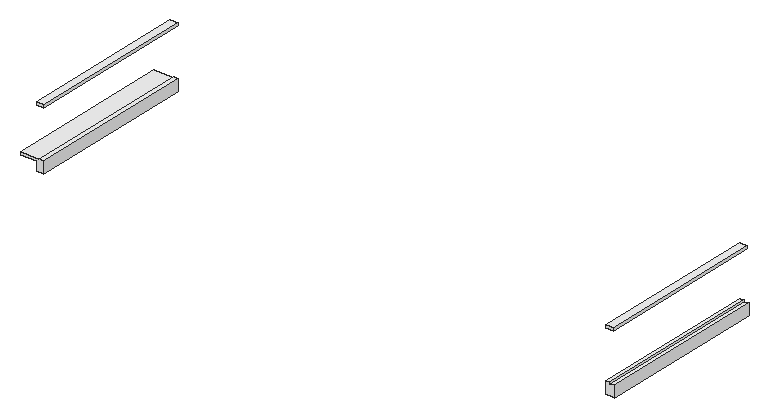
Revit family "Viga_Con_Perfil_Transversal_Bloco", category Structural Framing, Revit 2020
Family settings
  Display in Hidden Views = Edges Hidden by Other Members
  Structural Framing Length Roundoff = 0.000 m
  Section Shape = Not Defined
  Material for Model Behavior = Concrete
  Always export as geometry = No
  Work Plane-Based = No
  Always vertical = Yes
  Cut with Voids When Loaded = Yes
  Symbolic Representation = From Family
  Shared = No
  Show family pre-cut in plan views = Yes
Parameters (values of type "VIG_BLC_CON_PRF")
  Structural Material [instance] = CT_Concreto
  Material_Vigas_Janela [instance] = CT_Concreto
  Comprimento_Modulo [instance] = 7.500 m
  Recuar_Brise [instance] = 0.000 m
Reference planes (m)
  plane 1 "Centro (Frente/Trás)": y = 0
  plane 2: z = 0
  plane 3 "Centro (Esquerda/Direita)": x = 0
  plane 4: x = -15.9999
  plane 5: x = 9.1749
  plane 6: z = 4.76
  plane 7: z = 9.16
  plane 8: y = -7.5
  plane 9: y = 0
Forms (m)
  Extrusion 1, solid, material "CT_Concreto" <- "Material_Vigas_Janela"
    sketch origin (0, 0, 0.06) x (1, 0, 0) y (0, 0, 1)
      loop
        line (-15.9999, 4.7) -> (-16.1999, 4.7) -> (-16.1999, 4.65) -> (-17.0749, 4.65) -> (-17.0749, 4.55) -> (-16.3499, 4.55) -> (-16.3499, 4.19) -> (-16.3499, 4.15) -> (-15.9999, 4.15) -> (-15.9999, 4.7)
      loop
        line (9.5749, 4.15) -> (9.5749, 4.65) -> (9.3749, 4.65) -> (9.3749, 4.7) -> (9.1749, 4.7) -> (9.1749, 4.15) -> (9.5749, 4.15)
    from 0 to 7.5
  Extrusion 2, solid, material "CT_Concreto" <- "Material_Vigas_Janela"
    sketch origin (0, 0, 0.06) x (1, 0, 0) y (0, 0, 1)
      loop
        line (-15.9999, 6.92) -> (-16.3499, 6.92) -> (-16.3499, 6.82) -> (-15.9999, 6.82) -> (-15.9999, 6.92)
      loop
        line (9.5249, 6.92) -> (9.1749, 6.92) -> (9.1749, 6.82) -> (9.5249, 6.82) -> (9.5249, 6.92)
    from 0 to 7.5
Dimensions and locks (m)
  locked: plane 5 to plane 4 at 25.1748
  locked: plane 6 to level at 4.76
  locked: plane 7 to plane 6 at 4.4
  "Comprimento_Modulo": plane 8 to plane 1 "Centro (Frente/Trás)"
  "Recuar_Brise": plane 1 "Centro (Frente/Trás)" to plane 9
  aligned and locked: level to plane 2
  aligned and locked: Extrusion 1 to plane 1 "Centro (Frente/Trás)"
  aligned and locked: plane 1 "Centro (Frente/Trás)" to Extrusion 1
  aligned and locked: Extrusion 1 to plane 8
  aligned and locked: plane 9 to Extrusion 2
  aligned and locked: Extrusion 2 to plane 8
Automatic sketch dimensions
  Extrusion 1 sketch curve to plane 6 = 0.000 m  (x2)
  Extrusion 1 sketch curve to plane 4 = 0.000 m
  Extrusion 1 sketch curve to plane 5 = 0.000 m
  Extrusion 1 sketch curve to plane 6 = 0.050 m  (x2)
  Extrusion 1 sketch curve to plane 4 = 0.200 m
  Extrusion 1 sketch curve to plane 4 = 0.350 m
  Extrusion 1 sketch curve to plane 6 = 0.150 m
  Extrusion 1 sketch curve to Extrusion 1 sketch curve = 0.725 m
  Extrusion 1 sketch curve to Extrusion 1 sketch curve = 0.200 m  (x2)
  Extrusion 1 sketch curve to Extrusion 1 sketch curve = 0.360 m
  Extrusion 1 sketch curve to Extrusion 1 sketch curve = 0.500 m
  Extrusion 1 sketch curve to Extrusion 1 sketch curve = 0.040 m
  Extrusion 2 sketch curve to plane 4 = 0.000 m
  Extrusion 2 sketch curve to plane 5 = 0.000 m
  Extrusion 2 sketch curve to Extrusion 2 sketch curve = 0.350 m  (x2)
  plane 6 to Extrusion 2 sketch curve = 2.120 m  (x2)
  Extrusion 2 sketch curve to Extrusion 2 sketch curve = 0.100 m  (x2)
